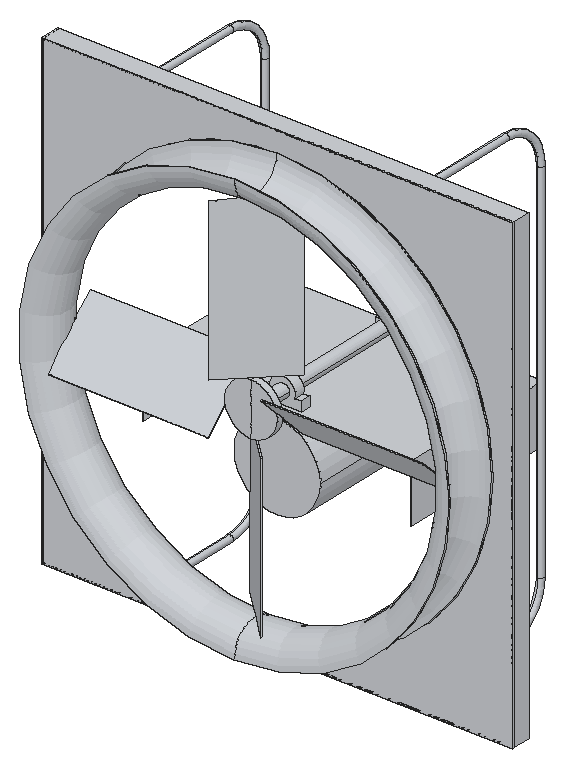
Revit family "EWB_SUPPLY", category Mechanical Equipment, Revit 2019
Family settings
  Round Connector Dimension = Use Diameter
  Part Type = Normal
  Work Plane-Based = No
  Always vertical = Yes
  Cut with Voids When Loaded = No
  Shared = No
  Room Calculation Point = No
Parameters (values of type "60_EWB_SUPPLY")
  Wire_Guard [instance] = no
  Weather_Hood [instance] = no
  Wall_Collar [instance] = no
  WH_B/2 = WH_B / 2  # 38"
  WH_B = 76"
  WH_ANGLE_2 = 92.00°  # constant formula
  WH_ANGLE = 130.00°  # constant formula
  WH_A = 56 13/16"
  WC_C = 70 9/16"
  WG_D = 13 7/16"
  WG_B = 73"
  WC_B = 75 11/16"
  -WH_B/2 = -WH_B / 2  # -38"
  -WC_D = -19 11/16"
  WC_A = 72 1/4"
  Unit Weight [instance] = ""
  Sones [instance] = ""
  SIZE/2 = SIZE / 2  # 32 15/16"
  SIZE = D - 1/8"  # 65 7/8"
  Motor RPM [instance] = ""
  Motor Enclosure [instance] = ""
  MOTOR = D / 10  # 6.6"
  LwA [instance] = ""
  Fan RPM [instance] = ""
  D/2 = D / 2  # 33"
  D = 66"
  E/2 = E / 2  # 1 1/2"
  E = 3"  # constant formula
  C/2 = C / 2  # 4 1/32"
  C = 8 1/16"
  B/4 = B / 4  # 6 3/4"
  B/2 = B / 2  # 13 1/2"
  B = 27"
  A/7 = A / 7  # 10 5/16"
  A/3.5 = A / 3.5  # 20 5/8"
  A/2 = A / 2  # 36 3/32"
  A = 72 3/16"
  9" = 9"  # constant formula
  4'6" = 54"  # constant formula
  3" = 3"  # constant formula
  Brake Hp [instance] = ""
  4" = 4"  # constant formula
  2' = 24"
  2" = 2"  # constant formula
  1" = 1"  # constant formula
  0 = 0"  # constant formula
  Voltage [instance] = 0 V
  URL = "www.lorencook.com"
  Type Comments = "Wall Supply Fan Extruded Aluminum Propeller Belt Drive"  # constant formula
  Static Pressure [instance] = 0.00 in-wg
  Power [instance] = Voltage * Motor FLA * sqrt(if(Phase = 3, 3, 1))  # 0 VA
  Phase [instance] = 0
  Number of Poles [instance] = 1
  Motor Hp [instance] = "0"
  Motor FLA [instance] = 0 A
  Model = "EWB_Supply"  # constant formula
  Manufacturer = "Loren Cook Company"
  CFM [instance] = 0 CFM
  1.5 = 1 1/2"  # constant formula
  .5" = 1/2"  # constant formula
  .125 = 1/8"  # constant formula
  -WG_A = -28 7/16"
  -D = -E  # -3"
  -C/2 = -C / 2  # -4 1/32"
  -B+1" = -B + 2"  # -25"
  -B = -B  # -27"
  -((SIZE/2)-.25") = -((SIZE / 2) - 1/4")  # -32 11/16"
  -((A/2)-C-.5") = -((A / 2) - C - 1/2")  # -27 17/32"
  (SIZE/2)-.25" = (SIZE / 2) - 1/4"  # 32 11/16"
  (D_SUP/2)-(C/2)-.125" = (D / 2) - (C / 2) - 1/8"  # 28 27/32"
  (A/2)-C-.5" = (A / 2) - C - 1/2"  # 27 17/32"
  (A/2)-1" = (A / 2) - 1/4"  # 35 27/32"
Types (9): name | WH_B/2 | WH_B | WH_A | WC_C | WG_D | WG_B | WC_B | -WH_B/2 | -WC_D | WC_A | SIZE/2 | SIZE | MOTOR | D/2 | D | C/2 | C | B/4 | B/2 | B | A/7 | A/3.5 | A/2 | A | -WG_A | -C/2 | -B+1" | -B | -((SIZE/2)-.25") | -((A/2)-C-.5") | (SIZE/2)-.25" | (D_SUP/2)-(C/2)-.125" | (A/2)-C-.5" | (A/2)-1"
  (no name) | 38" | 76" | 56 13/16" | 70 9/16" | 13 7/16" | 73" | 75 11/16" | -38" | -19 11/16" | 72 1/4" | 32 15/16" | 65 7/8" | 6.6" | 33" | 66" | 4 1/32" | 8 1/16" | 6 3/4" | 13 1/2" | 27" | 10 5/16" | 20 5/8" | 36 3/32" | 72 3/16" | -28 7/16" | -4 1/32" | -25" | -27" | -32 11/16" | -27 17/32" | 32 11/16" | 28 27/32" | 27 17/32" | 35 27/32"
  24_EWB_SUPPLY | 20" | 40" | 27 1/8" | 34 7/16" | 12 9/16" | 37" | 39 9/16" | -20" | -18 11/16" | 36 1/4" | 14 15/16" | 29 7/8" | 3" | 15" | 30" | 3 5/16" | 6 5/8" | 5" | 10" | 20" | 5.16964" | 10.33929" | 18 3/32" | 36 3/16" | -20 9/16" | -3 5/16" | -18" | -20" | -14 11/16" | -10 31/32" | 14 11/16" | 11 9/16" | 10 31/32" | 17 27/32"
  30_EWB_SUPPLY | 23" | 46" | 35 11/16" | 40 1/2" | 12 9/16" | 43" | 45 9/16" | -23" | -19 7/16" | 42 1/4" | 17 15/16" | 35 7/8" | 3.6" | 18" | 36" | 3 3/8" | 6 3/4" | 5 1/4" | 10 1/2" | 21" | 6.02679" | 12.05357" | 21 3/32" | 42 3/16" | -20 9/16" | -3 3/8" | -19" | -21" | -17 11/16" | -13 27/32" | 17 11/16" | 14 1/2" | 13 27/32" | 20 27/32"
  36_EWB_SUPPLY | 26" | 52" | 39 15/16" | 46 1/2" | 12 9/16" | 49" | 51 5/8" | -26" | -19 7/16" | 48 1/4" | 20 15/16" | 41 7/8" | 4.2" | 21" | 42" | 3 5/8" | 7 1/4" | 5 1/4" | 10 1/2" | 21" | 6.88393" | 13.76786" | 24 3/32" | 48 3/16" | -25 9/16" | -3 5/8" | -19" | -21" | -20 11/16" | -16 11/32" | 20 11/16" | 17 1/4" | 16 11/32" | 23 27/32"
  42_EWB_SUPPLY | 29" | 58" | 44 3/16" | 52 1/2" | 13 7/16" | 55" | 57 5/8" | -29" | -19 11/16" | 54 1/4" | 23 15/16" | 47 7/8" | 4.8" | 24" | 48" | 4 1/32" | 8 1/16" | 5 1/4" | 10 1/2" | 21" | 7.74107" | 15.48214" | 27 3/32" | 54 3/16" | -28 7/16" | -4 1/32" | -19" | -21" | -23 11/16" | -18 17/32" | 23 11/16" | 19 27/32" | 18 17/32" | 26 27/32"
  48_EWB_SUPPLY | 32" | 64" | 48 7/16" | 58 9/16" | 13 7/16" | 61" | 63 11/16" | -32" | -19 11/16" | 60 1/4" | 26 15/16" | 53 7/8" | 5.4" | 27" | 54" | 4 1/32" | 8 1/16" | 6" | 12" | 24" | 8.59821" | 17.19643" | 30 3/32" | 60 3/16" | -28 7/16" | -4 1/32" | -22" | -24" | -26 11/16" | -21 17/32" | 26 11/16" | 22 27/32" | 21 17/32" | 29 27/32"
  54_EWB_SUPPLY | 35" | 70" | 52 5/8" | 64 9/16" | 13 7/16" | 67" | 69 11/16" | -35" | -19 11/16" | 66 1/4" | 29 15/16" | 59 7/8" | 6" | 30" | 60" | 4 1/32" | 8 1/16" | 6 3/4" | 13 1/2" | 27" | 9.45536" | 18.91071" | 33 3/32" | 66 3/16" | -28 7/16" | -4 1/32" | -25" | -27" | -29 11/16" | -24 17/32" | 29 11/16" | 25 27/32" | 24 17/32" | 32 27/32"
  60_EWB_SUPPLY | 38" | 76" | 56 13/16" | 70 9/16" | 13 7/16" | 73" | 75 11/16" | -38" | -19 11/16" | 72 1/4" | 32 15/16" | 65 7/8" | 6.6" | 33" | 66" | 4 1/32" | 8 1/16" | 6 3/4" | 13 1/2" | 27" | 10 5/16" | 20 5/8" | 36 3/32" | 72 3/16" | -28 7/16" | -4 1/32" | -25" | -27" | -32 11/16" | -27 17/32" | 32 11/16" | 28 27/32" | 27 17/32" | 35 27/32"
  72_EWB_SUPPLY | 44" | 88" | 65 7/16" | 82 9/16" | 13 7/16" | 85" | 87 11/16" | -44" | -19 11/16" | 84 1/4" | 39 1/16" | 78 1/8" | 7.825" | 39 1/8" | 78 1/4" | 4 5/8" | 9 1/4" | 6 3/4" | 13 1/2" | 27" | 12.02679" | 24.05357" | 42 3/32" | 84 3/16" | -30 9/16" | -4 5/8" | -25" | -27" | -38 13/16" | -32 11/32" | 38 13/16" | 34 3/8" | 32 11/32" | 41 27/32"
Reference planes (in)
  plane 1 "Center (Front/Back)": y = 0
  plane 2: z = 0
  plane 3 "Center (Left/Right)": x = 0.40541
  plane 4: y = 1.5
Forms (in)
  Revolve 1, solid
    sketch origin (0.40541, 0, 0) x (0, 1, 0) y (0, 0, 1)
      loop
        line (-5.03125, 4.03125) -> (-5.03125, 0) -> (-4.03125, 0) -> (-4.03125, 4.03125) -> (-5.03125, 4.03125)
      axis (-5.03125, 0) -> (-4.03125, 0)
    angle from 0 to 360
  Extrusion 2, solid
    sketch origin (0.40541, 0, 0) x (0, 1, 0) y (0, 0, 1)
      loop
        line (0, -4.03125) -> (-8.0625, 4.03125) -> (-8.15089, 3.94286) -> (-0.08839, -4.11964) -> (0, -4.03125)
    from 48 to 4.03125 <- "C/2"
  Extrusion 3, solid
    sketch origin (0.40541, 0, 0) x (0, 1, 0) y (-1, 0, 0)
      loop
        line (0, -4.03125) -> (-8.0625, 4.03125) -> (-8.15089, 3.94286) -> (-0.08839, -4.11964) -> (0, -4.03125)
    from 48 to 4.03125 <- "C/2"
  Extrusion 4, solid
    sketch origin (0.40541, 0, 0) x (0, 1, 0) y (0, 0, -1)
      loop
        line (0, -4.03125) -> (-8.0625, 4.03125) -> (-8.15089, 3.94286) -> (-0.08839, -4.11964) -> (0, -4.03125)
    from 48 to 4.03125 <- "C/2"
  Extrusion 5, solid
    sketch origin (0.40541, 0, 0) x (1, 0, 0) y (0, 1, 0)
      loop
        line (-4.03125, 0) -> (-4.11964, -0.08839) -> (3.94286, -8.15089) -> (4.03125, -8.0625) -> (-4.03125, 0)
    from -48 to -4.03125 <- "-C/2"
  Extrusion 6, void
    sketch origin (0, 0, 0) x (1, 0, 0) y (0, 0, 1)
      loop
        circle (0.40541, 0) r 28.84375
      loop
        circle (0.40541, 0) r 54
    from 0 to 10
  Extrusion 7, solid
    sketch origin (0, 0, 0) x (1, 0, 0) y (0, 0, 1)
      loop
        line (-35.68834, 36.09375) -> (-35.68834, -36.09375) -> (36.49916, -36.09375) -> (36.49916, 36.09375) -> (-35.68834, 36.09375)
      loop
        circle (0.40541, 0) r 33
    from 0 to -0.125
  Extrusion 8, solid
    sketch origin (0, 0, 0) x (1, 0, 0) y (0, 0, 1)
      loop
        line (-35.68834, 36.09375) -> (-35.68834, -36.09375) -> (36.49916, -36.09375) -> (36.49916, 36.09375) -> (-35.68834, 36.09375)
      loop
        line (36.37416, -35.96875) -> (36.37416, 35.96875) -> (-35.56334, 35.96875) -> (-35.56334, -35.96875) -> (36.37416, -35.96875)
    from 0 to -3 <- "-D"
  Extrusion 9, solid
    sketch origin (0, 0, 0) x (1, 0, 0) y (0, 0, 1)
      loop
        circle (0.40541, 0) r 1
    from 2 to -27 <- "-B"
  Extrusion 10, solid
    sketch origin (0, 0, 0) x (1, 0, 0) y (0, 0, 1)
      loop
        line (-20.21959, -2) -> (-20.21959, -11) -> (-20.09459, -11) -> (-20.09459, -3.5) -> (20.90541, -3.5) -> (20.90541, -11) -> (21.03041, -11) -> (21.03041, -2) -> (-20.21959, -2)
    from 0 to -25 <- "-B+1""
  Sweep 11, solid
    path origin (0.40541, 0, 0) x (0, 1, 0) y (0, 0, 1)
      loop
        line (0.125, 34.96875) -> (17.25, 34.96875)
        arc (17.25, 34.96875) -> (22.02297, 32.99172) -> (24, 28.21875) r 6.75
        line (24, 28.21875) -> (24, -28.21875)
        arc (24, -28.21875) -> (22.02297, -32.99172) -> (17.25, -34.96875) r 6.75
        line (17.25, -34.96875) -> (0.125, -34.96875)
    profile origin (0.40541, 8.6875, 34.96875) x (0, 0, 1) y (1, 0, 0)
      loop
        circle (0, -21.125) r 0.5
      loop
        circle (0, 21.125) r 0.5
  Revolve 12, solid
    sketch origin (0.40541, 0, 0) x (0, 1, 0) y (0, 0, 1)
      loop
        arc (-0.125, 33) -> (-4.15625, 28.96875) -> (-8.1875, 33) r 4.03125
        line (-8.1875, 33) -> (-8.3125, 33)
        arc (-8.3125, 33) -> (-4.15625, 28.84375) -> (0, 33) r 4.15625
        line (0, 33) -> (-0.125, 33)
      axis (-8.3125, 0) -> (0, 0)
    angle from 0 to 360
  Extrusion 13, solid
    sketch origin (0, 25, 0) x (-1, 0, 0) y (0, 0, 1)
      loop
        circle (-0.40541, -10.1) r 6.6
    from 0 to -25 <- "-B+1""
  Extrusion 14, solid
    sketch origin (0, 27, 0) x (-1, 0, 0) y (0, 0, 1)
      loop
        circle (-0.40541, -10.1) r 1
    from 0 to -2
  Extrusion 15, solid
    sketch origin (0, 25, 0) x (-1, 0, 0) y (0, 0, 1)
      loop
        line (-3.40541, -0.5) -> (-3.40541, -2) -> (2.59459, -2) -> (2.59459, -0.5) -> (1.53108, -0.5)
        arc (1.53108, -0.5) -> (-0.40541, 2) -> (-2.3419, -0.5) r 2
        line (-2.3419, -0.5) -> (-3.40541, -0.5)
    from -2.5 to -1
  Extrusion 16, solid
    sketch origin (0, 0, 0) x (1, 0, 0) y (0, 0, 1)
      loop
        arc (2.3419, -0.5) -> (0.40541, 2) -> (-1.53108, -0.5) r 2
        line (-1.53108, -0.5) -> (-2.59459, -0.5) -> (-2.59459, -2) -> (3.40541, -2) -> (3.40541, -0.5) -> (2.3419, -0.5)
    from -2.5 to -1
  Extrusion 17, solid, material "Glass", visible <- "Wire_Guard"
    sketch origin (0, 1.5, 33.44256) x (0, 0, 1) y (-1, 0, 0)
      loop
        line (3.05744, -36.90541) -> (3.05744, 36.09459) -> (-69.94256, 36.09459) -> (-69.94256, -36.90541) -> (3.05744, -36.90541)
    from -28.4375 <- "-WG_A" to 13.4375 <- "WG_D"
  Extrusion 18, solid, visible <- "Wall_Collar"
    sketch origin (0, 3, 0) x (-1, 0, 0) y (0, 0, 1)
      loop
        line (35.84459, 36.25) -> (-36.65541, 36.25) -> (-36.65541, -36.25) -> (35.84459, -36.25) -> (35.84459, 36.25)
      loop
        line (-36.53041, -36.125) -> (35.71959, -36.125) -> (35.71959, 36.125) -> (-36.53041, 36.125) -> (-36.53041, -36.125)
    from 0 to -19.6875 <- "-WC_D"
  Extrusion 19, solid, visible <- "Wall_Collar"
    sketch origin (0, -16.6875, 0) x (1, 0, 0) y (0, 0, 1)
      loop
        line (-37.43834, 37.84375) -> (-37.43834, -37.84375) -> (38.24916, -37.84375) -> (38.24916, 37.84375) -> (-37.43834, 37.84375)
      loop
        line (35.68666, -35.28125) -> (35.68666, 35.28125) -> (-34.87584, 35.28125) -> (-34.87584, -35.28125) -> (35.68666, -35.28125)
    from -0.125 to 0
  Extrusion 20, solid, visible <- "Weather_Hood"
    sketch origin (0.40541, 0, 0) x (0, 1, 0) y (0, 0, 1)
      loop
        line (-16.6875, 38) -> (-50.38532, 38) -> (-73.5, 10.45299) -> (-19.6875, -38) -> (-16.6875, -38) -> (-16.6875, 38)
    from -38 <- "-WH_B/2" to 38 <- "WH_B/2"
  Extrusion 21, solid, visible <- "Weather_Hood"
    sketch origin (0.40541, -16.6875, -38) x (0, 0, 1) y (1, 0, 0)
      loop
        line (77.5, -39.5) -> (77.5, 39.5) -> (-1.5, 39.5) -> (-1.5, -39.5) -> (77.5, -39.5)
      loop
        line (0, 38) -> (0, -38) -> (76, -38) -> (76, 38) -> (0, 38)
    from -0.125 to 0
Cuts and joins
  Extrusion 6 cuts Revolve 1
  Extrusion 6 cuts Extrusion 2
  Extrusion 6 cuts Extrusion 3
  Extrusion 6 cuts Extrusion 4
  Extrusion 6 cuts Extrusion 5
Dimensions and locks (in)
  "0": Revolve 1 sketch curve to level  (x2)
  "C/2": Revolve 1 sketch curve to level
  "C/2": plane 1 "Center (Front/Back)" to Revolve 1 sketch curve
  "1"": Revolve 1 sketch curve to Revolve 1 sketch curve
  "0": Extrusion 2 sketch curve to plane 1 "Center (Front/Back)"
  "C": plane 1 "Center (Front/Back)" to Extrusion 2 sketch curve
  "C/2": Extrusion 2 sketch curve to level
  "C/2": level to Extrusion 2 sketch curve
  ".125": Extrusion 2 sketch curve to Extrusion 2 sketch curve
  ".125": Extrusion 3 sketch curve to Extrusion 3 sketch curve
  ".125": Extrusion 4 sketch curve to Extrusion 4 sketch curve
  ".125": Extrusion 5 sketch curve to Extrusion 5 sketch curve
  Extrusion 6 sketch curve to plane 3 "Center (Left/Right)" = 0"  (x2)
  level to Extrusion 6 sketch curve = 0"
  Extrusion 6 sketch curve to level = 0"
  "0": Extrusion 3 sketch curve to plane 1 "Center (Front/Back)"
  "C": Extrusion 3 sketch curve to plane 1 "Center (Front/Back)"
  "C/2": plane 3 "Center (Left/Right)" to Extrusion 3 sketch curve
  "C/2": Extrusion 3 sketch curve to plane 3 "Center (Left/Right)"
  "C": plane 1 "Center (Front/Back)" to Extrusion 4 sketch curve
  "0": Extrusion 4 sketch curve to plane 1 "Center (Front/Back)"
  "C/2": level to Extrusion 4 sketch curve
  "C/2": Extrusion 4 sketch curve to level
  "0": Extrusion 5 sketch curve to plane 1 "Center (Front/Back)"
  "C": Extrusion 5 sketch curve to plane 1 "Center (Front/Back)"
  "C/2": plane 3 "Center (Left/Right)" to Extrusion 5 sketch curve
  "C/2": Extrusion 5 sketch curve to plane 3 "Center (Left/Right)"
  "A/2": plane 3 "Center (Left/Right)" to Extrusion 7 sketch curve
  "A/2": Extrusion 7 sketch curve to plane 3 "Center (Left/Right)"
  "A/2": Extrusion 7 sketch curve to level
  "A/2": level to Extrusion 7 sketch curve
  "0": Extrusion 7 sketch curve to level
  "0": Extrusion 7 sketch curve to plane 3 "Center (Left/Right)"
  ".125": Extrusion 8 sketch curve to Extrusion 8 sketch curve  (x4)
  "A/2": plane 3 "Center (Left/Right)" to Extrusion 8 sketch curve  (x2)
  "A/2": level to Extrusion 8 sketch curve
  "A/2": Extrusion 8 sketch curve to level
  "0": Extrusion 9 sketch curve to level
  "0": Extrusion 9 sketch curve to plane 3 "Center (Left/Right)"
  "2"": level to Extrusion 10 sketch curve
  "9"": Extrusion 10 sketch curve to Extrusion 10 sketch curve  (x2)
  "A/3.5": Extrusion 10 sketch curve to plane 3 "Center (Left/Right)"
  "A/3.5": plane 3 "Center (Left/Right)" to Extrusion 10 sketch curve
  ".125": Sweep 11 sketch curve to plane 1 "Center (Front/Back)"  (x2)
  "1"": Extrusion 8 to Sweep 11 sketch curve  (x2)
  "0": Sweep 11 sketch curve to profile plane  (x2)
  ".5"": Sweep 11 sketch curve to Extrusion 10  (x2)
  "0": Revolve 12 sketch curve to level
  "D/2": Revolve 12 sketch curve to level  (x2)
  "C": Revolve 12 sketch curve to Revolve 12 sketch curve
  ".125": plane 1 "Center (Front/Back)" to Revolve 12 sketch curve
  ".125": Revolve 12 sketch curve to Revolve 12 sketch curve  (x2)
  "0": Revolve 12 sketch curve to Revolve 12 sketch curve
  ".125": Extrusion 10 sketch curve to Extrusion 10 sketch curve  (x2)
  "1.5": Extrusion 10 sketch curve to Extrusion 10 sketch curve
  "1"": Extrusion 10 to Sweep 11 sketch curve
  "0": Extrusion 13 sketch curve to plane 3 "Center (Left/Right)"
  "MOTOR": Extrusion 13 sketch curve to Extrusion 10
  "0": Extrusion 14 sketch curve to plane 3 "Center (Left/Right)"
  "MOTOR": Extrusion 14 sketch curve to Extrusion 10
  "0": Extrusion 10 to Extrusion 15 sketch curve
  "1.5": Extrusion 15 sketch curve to Extrusion 15 sketch curve
  "3"": plane 3 "Center (Left/Right)" to Extrusion 15 sketch curve  (x2)
  "0": Extrusion 15 sketch curve to plane 3 "Center (Left/Right)"
  "0": level to Extrusion 15 sketch curve
  "0": Extrusion 16 sketch curve to plane 3 "Center (Left/Right)"
  "0": Extrusion 16 sketch curve to level
  "0": Extrusion 10 to Extrusion 16 sketch curve
  "1.5": Extrusion 10 to Extrusion 16 sketch curve
  "3"": plane 3 "Center (Left/Right)" to Extrusion 16 sketch curve  (x2)
  "1.5": plane 4 to plane 1 "Center (Front/Back)"
  equal spacing: Extrusion 17 sketch curve, plane 3 "Center (Left/Right)", Extrusion 17 sketch curve
  equal spacing: Extrusion 17 sketch curve, level, Extrusion 17 sketch curve
  "WG_B": Extrusion 17 sketch curve to Extrusion 17 sketch curve  (x2)
  equal spacing: Extrusion 18 sketch curve, plane 3 "Center (Left/Right)", Extrusion 18 sketch curve  (x2)
  equal spacing: Extrusion 18 sketch curve, level, Extrusion 18 sketch curve  (x2)
  "WC_A": Extrusion 18 sketch curve to Extrusion 18 sketch curve  (x2)
  ".125": Extrusion 18 sketch curve to Extrusion 18 sketch curve  (x2)
  equal spacing: Extrusion 19 sketch curve, plane 3 "Center (Left/Right)", Extrusion 19 sketch curve  (x2)
  equal spacing: Extrusion 19 sketch curve, level, Extrusion 19 sketch curve  (x2)
  "WC_C": Extrusion 19 sketch curve to Extrusion 19 sketch curve  (x2)
  "WC_B": Extrusion 19 sketch curve to Extrusion 19 sketch curve  (x2)
  equal spacing: Extrusion 20 sketch curve, level, Extrusion 20 sketch curve
  "WH_B": Extrusion 20 sketch curve to Extrusion 20 sketch curve
  "3"": Extrusion 20 sketch curve to Extrusion 20 sketch curve
  "WH_A": Extrusion 20 sketch curve to Extrusion 20 sketch curve
  "0": Extrusion 19 to Extrusion 20 sketch curve
  equal spacing: Extrusion 21 sketch curve, level, Extrusion 21 sketch curve  (x2)
  equal spacing: Extrusion 21 sketch curve, plane 3 "Center (Left/Right)", Extrusion 21 sketch curve  (x2)
  "1.5": Extrusion 21 sketch curve to Extrusion 21 sketch curve  (x2)
  "WH_B": Extrusion 21 sketch curve to Extrusion 21 sketch curve  (x2)
  "(D_SUP/2)-(C/2)-.125"": radius of Extrusion 6 sketch curve
  "D/2": radius of Extrusion 7 sketch curve
  "1"": radius of Extrusion 9 sketch curve
  "B/4": radius of Sweep 11 sketch curve  (x2)
  ".5"": radius of Sweep 11 sketch curve  (x2)
  "MOTOR": radius of Extrusion 13 sketch curve
  "1"": radius of Extrusion 14 sketch curve
  "2"": radius of Extrusion 15 sketch curve
  "2"": radius of Extrusion 16 sketch curve
  "4'6"": radius of Extrusion 6 sketch curve
  "WH_ANGLE": angle Extrusion 20 sketch curve to Extrusion 20 sketch curve
  "WH_ANGLE_2": angle Extrusion 20 sketch curve to Extrusion 20 sketch curve
Automatic sketch dimensions
  Revolve 1 sketch curve to plane 1 "Center (Front/Back)" = 0"
  Revolve 1 sketch curve to Revolve 1 sketch curve = 26"
  plane 1 "Center (Front/Back)" to Revolve 12 sketch curve = 3 1/4"
  Revolve 12 sketch curve to Revolve 12 sketch curve = 1.44822"
  Extrusion 15 sketch curve to Extrusion 15 sketch curve = 1.06351"
  Extrusion 16 sketch curve to Extrusion 16 sketch curve = 1.06351"
  Extrusion 16 sketch curve to Extrusion 16 sketch curve = 0"  (x2)
Connectors (in)
  hvac at (0.40541, 3, 0), driven by "A", driven by "A", driven by "CFM"
    settings: on Extrusion 8, index 1, duct flow 0 CFM, flow factor 0, pres drop 0.00 in-wg, loss coef 0, conn angle 0.00°, conn width 72 3/16", conn height 72 3/16", conn diameter 24", duct sys type 1, conn prof type 1, flow config 0, flow direction 1, loss method 0, conn ref index -1, conn util no, is conn primary yes, conn desc ""
  electrical at (0.40541, 0, -10.1)
    settings: on Extrusion 13, index 2, voltage 0 V, apparent load 0 VA, apparent load phase1 0 VA, apparent load phase2 0 VA, apparent load phase3 0 VA, power factor 1, load classification "Other", number of poles 1, system type 30, power factor state 1, is connector primary yes, connector utility no, sub classification motor no, connector description ""
